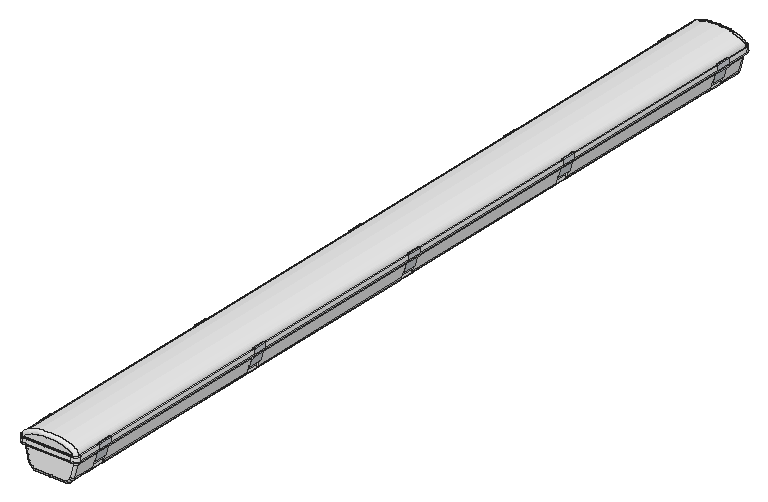
Revit family "0067960 Sylvania Lighting Fixture START Waterproof Twin 1500 IP65 DALI 7100lm 840", category Lighting Fixtures, host Face, Revit 2016
Family settings
  Host = Face
  Part Type = Normal
  Round Connector Dimension = Use Diameter
  OmniClass Number = 23.80.70.11.14
  OmniClass Title = General Luminaries, Directional
  Cut with Voids When Loaded = No
  Light Source = Yes
  Shared = No
  Room Calculation Point = No
Parameters (values of type "0067960 ST WTRPRF T 1500 IP65 DALI 7100LM 840")
  Width = 110 mm
  Weight = "kg"
  Wattage Comments = "n/a"
  Wattage = 58 W
  WarrantyStartDate [instance] = "n/a"
  WarrantyGuarantorParts = "n/a"
  WarrantyDurationUnit = "n/a"
  WarrantyDurationParts = "n/a"
  WarrantyDescription = "n/a"
  built-in parameter 1150110 = 1 (stored number, unit not read)
  Voltage = 0 V
  URL = "http://www.sylvania-lighting.com"
  TypeName = "START Waterproof Twin 1500 IP65 DALI 7100lm 840"
  Type Image = <None>
  Type Comments = "n/a"
  built-in parameter 1114217 = 1 (stored number, unit not read)
  Tilt Angle = -90.00°
  built-in parameter 1150109 = 1 (stored number, unit not read)
  built-in parameter 1150134 = 12
  built-in parameter 1150113 = 1 (stored number, unit not read)
  SerialNumber [instance] = "n/a"
  ReflectorMaterial = none
  PowerFactor = 0
  PowerConsumption = "58 W"
  Photometric Web File = "0067960.ies"
  NominalWidth = 0 mm
  NominalLength = 1578 mm
  NominalHeight = 78 mm
  Name = "START Waterproof Twin 1500 IP65 DALI 7100lm 840"
  ModelReference = "START Waterproof Twin 1500 IP65 DALI 7100lm 840"
  ModelNumber = "0067960"
  Model = "START Waterproof Twin 1500 IP65 DALI 7100lm 840"
  Material = "polycarbonate housing, polycarbonate diffuser"
  ManufacturerName = "Feilo Sylvania"
  Manufacturer = "Feilo Sylvania"
  LuminousEfficacy = "122 lm/W"
  built-in parameter 1150105 = 563.09 (stored number, unit not read)
  Lumens = 7076 lm
  LuminaireType = ""
  built-in parameter 1150115 = 1 (stored number, unit not read)
  LightOutputRatio = "n/a"
  built-in parameter 1150137 = (empty or 0)
  built-in parameter 1150139 = (empty or 0)
  Length = 1572 mm
  LampsType = Lamp  # "LED"
  LampNominalLuminous = "7050 lm"
  LampMacAdamStep = "n/a"
  LampColourTemperature = "4000 K"
  LampColourRenderingIndex = "80"
  built-in parameter 1150112 = 1 (stored number, unit not read)
  built-in parameter 1150114 = 1 (stored number, unit not read)
  Lamp = "LED"
  Keynote = "16500"
  InstallationDate [instance] = "n/a"
  InputVoltage = "n/a"
  InputNominalFrequency = "n/a"
  built-in parameter 1150132 = (empty or 0)
  built-in parameter 1150102 = (empty or 0)
  built-in parameter 1150107 = 4000 (stored number, unit not read)
  built-in parameter 1150138 = (empty or 0)
  IngressProtection = "IP65"
  ImpactProtectionIndex = "IK08"
  built-in parameter 1150106 = 5.6309 (stored number, unit not read)
  IfcExportType = "IfcLightFixtureType"
  IfcExportAs = "IfcLightFixtureType"
  ExpectedLife = 50000
  Emit from Rectangle Width = Width - 20 mm  # 90 mm
  Emit from Rectangle Length = Length - 20 mm  # 1552 mm
  Emit Shape Visible in Rendering = no
  ElectricShockClassification = "Class I"
  built-in parameter 1150104 = 11.334 (stored number, unit not read)
  DurationUnit = "hours"
  DocumentationLiterature = "http://www.sylvania-lighting.com/product/en-int/products/0067960"
  DimmingControlOptions = "n/a"
  Dimming Lamp Color Temperature Shift = <None>
  DiffuserMaterial = Diffuser-Sylvania-Transparent
  Description = ""
  Default Elevation = 1219.2 mm
  CreatedOn = "11/27/2018"
  CreatedBy = "@sylvania-lighting.com"
  Cost = 0
  Color Filter = 16777215
  built-in parameter 1114216 [instance] = (empty or 0)
  ClassificationValue = "EF_70_80"
  ClassificationName = "Uniclass2015"
  BodyMaterial = Body-Sylvania-Gray
  BarCode [instance] = "n/a"
  built-in parameter 1114218 = 1 (stored number, unit not read)
  built-in parameter 1150133 = 10 (stored number, unit not read)
  AssetType = "Fixed"
  AssetIdentifier [instance] = "n/a"
  Assembly Code = "D5020200"
  Apparent Load = 58 VA
  AccessoryMaterial = Diffuser-Sylvania-Glow
Reference planes
  plane 1 "Center (Front/Back)": y = 0
  plane 2: z = 0
  plane 3 "Center (Left/Right)": x = 0
  plane 4: z = 54
  plane 5: x = -27.7
  plane 6: x = -34.8
  plane 7: x = -39.6
  plane 8: x = -42.2
  plane 9: z = 3
  plane 10: z = 7.8
  plane 11: z = 12.3
  plane 12: z = 36.6
  plane 13: z = 42.8
  plane 14: x = -51.1
  plane 15: z = 46.2
  plane 16: x = -55
  plane 17: y = 786
  plane 18: y = -786
  plane 19: x = 27.7
  plane 20: x = 34.8
  plane 21: x = 39.6
  plane 22: x = 42.2
  plane 23: x = 51.1
  plane 24: x = 55
  plane 25: y = 778.4
  plane 26: y = -778.4
  plane 27: y = -774.7
  plane 28: y = 774.7
  plane 29: z = 74
  plane 30: x = -51.5
  plane 31: x = 51.5
  plane 32: z = 55.2
  plane 33: y = -782.5
  plane 34: y = 782.5
  plane 35: x = -37.5
  plane 36: x = 37.5
  plane 37: x = -48.7
  plane 38: x = 48.7
  plane 39: x = 18
  plane 40: x = -18
  plane 41: z = 50.2
  plane 42: z = 24.6
  plane 43: y = 720
  plane 44: y = 706
  plane 45: y = 734
  plane 46: y = -720
  plane 47: y = 720
  plane 48: y = 706
  plane 49: y = 734
  plane 50: y = -720
  plane 51: y = -734
  plane 52: y = -706
  plane 53: y = 360
  plane 54: y = 346
  plane 55: y = 374
  plane 56: y = 0
  plane 57: y = -14
  plane 58: y = 14
  plane 59: y = -360
  plane 60: y = -374
  plane 61: y = -346
Forms (mm)
  Sweep 1, solid, material "Body-Sylvania-Gray" <- "BodyMaterial", detail levels medium+fine
    path origin (1223.4, -4572, 54) x (0, -1, 0) y (1, 0, 0)
      loop
        arc (-3796, -1278.4) -> (-3788.929, -1275.471) -> (-3786, -1268.4) r 10
        line (-3786, -1268.4) -> (-3786, -1178.4)
        arc (-3786, -1178.4) -> (-3788.929, -1171.329) -> (-3796, -1168.4) r 10
        line (-3796, -1168.4) -> (-5348, -1168.4)
        arc (-5348, -1168.4) -> (-5355.071, -1171.329) -> (-5358, -1178.4) r 10
        line (-5358, -1178.4) -> (-5358, -1268.4)
        arc (-5358, -1268.4) -> (-5355.071, -1275.471) -> (-5348, -1278.4) r 10
        line (-5348, -1278.4) -> (-3796, -1278.4)
    profile origin (-55, 0, 54) x (-1, 0, 0) y (0, 0, 1)
      loop
        line (0, 0) -> (-1, 0) -> (-1, -7.726)
        arc (-1, -7.726) -> (-1.994, -9.498) -> (-3.9, -10.2) r 2.937
        line (-3.9, -10.2) -> (-8.571, -10.2) -> (-8.571, -11.2) -> (-3.9, -11.2)
        arc (-3.9, -11.2) -> (-1.313, -10.231) -> (0, -7.8) r 3.937
        line (0, -7.8) -> (0, 0)
  Sweep 2, solid, material "Body-Sylvania-Gray" <- "BodyMaterial", detail levels medium+fine
    path origin (0, 0, 0) x (1, 0, 0) y (0, 0, 1)
      loop
        line (48.7, 42.8) -> (48.7, 36.6) -> (42.203, 12.31)
        arc (42.203, 12.31) -> (41.199, 9.884) -> (39.6, 7.8) r 10.052
        line (39.6, 7.8) -> (34.8, 3)
        arc (34.8, 3) -> (31.554, 0.781) -> (27.7, 0) r 9.902
        line (27.7, 0) -> (0, 0) -> (-27.7, 0)
        arc (-27.7, 0) -> (-31.554, 0.781) -> (-34.8, 3) r 9.902
        line (-34.8, 3) -> (-39.6, 7.8)
        arc (-39.6, 7.8) -> (-41.199, 9.884) -> (-42.203, 12.31) r 10.052
        line (-42.203, 12.31) -> (-48.7, 36.6) -> (-48.7, 42.8)
    profile origin (0, 0, 0) x (0, 0, -1) y (0, -1, 0)
      loop
        arc (0, 773.4) -> (-1.464, 776.936) -> (-5, 778.4) r 5
        line (-5, 778.4) -> (-7.8, 778.4) -> (-7.8, -778.4) -> (-5, -778.4)
        arc (-5, -778.4) -> (-1.464, -776.936) -> (0, -773.4) r 5
        line (0, -773.4) -> (0, 773.4)
  Extrusion 3, solid, material "Body-Sylvania-Gray" <- "BodyMaterial", detail levels medium+fine
    sketch origin (1524, 778.4, 1219.2) x (1, 0, 0) y (0, 0, 1)
      loop
        arc (-1558.668, -1204.874) -> (-1558.443, -1205.418) -> (-1558.085, -1205.885) r 2.252
        line (-1558.085, -1205.885) -> (-1553.231, -1210.738)
        arc (-1553.231, -1210.738) -> (-1552.534, -1211.227) -> (-1551.7, -1211.4) r 2.102
        line (-1551.7, -1211.4) -> (-1496.3, -1211.4)
        arc (-1496.3, -1211.4) -> (-1495.466, -1211.227) -> (-1494.769, -1210.738) r 2.102
        line (-1494.769, -1210.738) -> (-1489.915, -1205.885)
        arc (-1489.915, -1205.885) -> (-1489.557, -1205.418) -> (-1489.332, -1204.874) r 2.252
        line (-1489.332, -1204.874) -> (-1483.1, -1181.575) -> (-1483.1, -1176.4) -> (-1564.9, -1176.4) -> (-1564.9, -1181.575) -> (-1558.668, -1204.874)
    from 0 to 1556.8
  Sweep 4, solid, material "Diffuser-Sylvania-Transparent" <- "DiffuserMaterial", detail levels medium+fine
    path origin (0, 0, 0) x (1, 0, 0) y (0, 0, 1)
      loop
        spline (-51.5, 55.2) -> (-49.745, 60.066) -> (-44.6, 64.6) -> (-36.416, 68.494) -> (-25.75, 71.481) -> (-13.329, 73.359) -> (0, 74) -> (13.329, 73.359) -> (25.75, 71.481) -> (36.416, 68.494) -> (44.6, 64.6) -> (49.745, 60.066) -> (51.5, 55.2)
    profile origin (51.5, 0, 55.2) x (0, -1, 0) y (1, 0, 0)
      loop
        arc (782.5, -5.5) -> (780.889, -1.611) -> (777, 0) r 5.5
        line (777, 0) -> (-777, 0)
        arc (-777, 0) -> (-780.889, -1.611) -> (-782.5, -5.5) r 5.5
        line (-782.5, -5.5) -> (-782.5, -6.3) -> (-781.5, -6.3) -> (-781.5, -5.5)
        arc (-781.5, -5.5) -> (-780.182, -2.318) -> (-777, -1) r 4.5
        line (-777, -1) -> (777, -1)
        arc (777, -1) -> (780.182, -2.318) -> (781.5, -5.5) r 4.5
        line (781.5, -5.5) -> (781.5, -6.347) -> (782.5, -6.347) -> (782.5, -5.5)
  Extrusion 5, solid, material "Diffuser-Sylvania-Transparent" <- "DiffuserMaterial", detail levels medium+fine
    sketch origin (1524, -782.5, 1219.2) x (1, 0, 0) y (0, 0, 1)
      loop
        line (-1569.653, -1164) -> (-1478.347, -1164)
        spline (-1478.347, -1164) -> (-1478.969, -1162.594) -> (-1482.527, -1159.545) -> (-1489.588, -1156.201) -> (-1499.458, -1153.445) -> (-1511.242, -1151.663) -> (-1524, -1151.049) -> (-1536.758, -1151.663) -> (-1548.542, -1153.445) -> (-1558.412, -1156.201) -> (-1565.473, -1159.545) -> (-1569.031, -1162.594) -> (-1569.653, -1164)
    from 0 to -1
  Extrusion 6, solid, material "Diffuser-Sylvania-Transparent" <- "DiffuserMaterial", detail levels medium+fine
    sketch origin (1524, 782.5, 1219.2) x (1, 0, 0) y (0, 0, 1)
      loop
        spline (-1478.3, -1164) -> (-1478.931, -1162.565) -> (-1482.502, -1159.505) -> (-1489.572, -1156.155) -> (-1499.446, -1153.394) -> (-1511.236, -1151.614) -> (-1524, -1151.007) -> (-1536.764, -1151.614) -> (-1548.554, -1153.394) -> (-1558.428, -1156.155) -> (-1565.498, -1159.505) -> (-1569.069, -1162.565) -> (-1569.7, -1164)
        line (-1569.7, -1164) -> (-1478.3, -1164)
    from 0 to 1
  Extrusion 7, solid, material "Diffuser-Sylvania-Transparent" <- "DiffuserMaterial", detail levels medium+fine
    sketch origin (1223.4, -4572, 55.2) x (0, -1, 0) y (-1, 0, 0)
      loop
        arc (-5353.5, 1177.4) -> (-5352.182, 1174.218) -> (-5349, 1172.9) r 4.5
        line (-5349, 1172.9) -> (-3795, 1172.9)
        arc (-3795, 1172.9) -> (-3791.818, 1174.218) -> (-3790.5, 1177.4) r 4.5
        line (-3790.5, 1177.4) -> (-3790.5, 1269.4)
        arc (-3790.5, 1269.4) -> (-3791.818, 1272.582) -> (-3795, 1273.9) r 4.5
        line (-3795, 1273.9) -> (-5349, 1273.9)
        arc (-5349, 1273.9) -> (-5352.182, 1272.582) -> (-5353.5, 1269.4) r 4.5
        line (-5353.5, 1269.4) -> (-5353.5, 1177.4)
      loop
        line (-5358, 1268.4) -> (-5358, 1178.4)
        arc (-5358, 1178.4) -> (-5355.071, 1171.329) -> (-5348, 1168.4) r 10
        line (-5348, 1168.4) -> (-3796, 1168.4)
        arc (-3796, 1168.4) -> (-3788.929, 1171.329) -> (-3786, 1178.4) r 10
        line (-3786, 1178.4) -> (-3786, 1268.4)
        arc (-3786, 1268.4) -> (-3788.929, 1275.471) -> (-3796, 1278.4) r 10
        line (-3796, 1278.4) -> (-5348, 1278.4)
        arc (-5348, 1278.4) -> (-5355.071, 1275.471) -> (-5358, 1268.4) r 10
    from 0 to 1.2
  Extrusion 8, solid, material "Diffuser-Sylvania-Glow" <- "AccessoryMaterial", detail levels fine
    sketch origin (0, 0, 0) x (1, 0, 0) y (0, 0, 1)
      loop
        circle (-18, 50.2) r 8
      loop
        circle (18, 50.2) r 8
    from -774.7 to 774.7
  Extrusion 9, void
    sketch origin (0, 720, 2343.807) x (0, 0, -1) y (-1, 0, 0)
      loop
        line (2340.807, -37.5) -> (2331.507, -37.5) -> (2319.207, -42.2) -> (2319.207, -48.7) -> (2340.807, -48.7) -> (2340.807, -37.5)
      loop
        line (2340.807, 37.5) -> (2340.807, 48.7) -> (2319.207, 48.7) -> (2319.207, 42.2) -> (2331.507, 37.5) -> (2340.807, 37.5)
    from -14 to 14
  Extrusion 10, solid, material "Body-Sylvania-Gray" <- "BodyMaterial", detail levels coarse
    sketch origin (0, 0, 0) x (1, 0, 0) y (0, 0, 1)
      loop
        line (55, 42.8) -> (55, 55.2) -> (-55, 55.2) -> (-55, 42.791) -> (-42.2, 0) -> (42.2, 0) -> (55, 42.8)
    from -786 to 786
  Extrusion 11, solid, material "Diffuser-Sylvania-Transparent" <- "DiffuserMaterial", detail levels coarse
    sketch origin (0, 0, 0) x (1, 0, 0) y (0, 0, 1)
      loop
        arc (51.5, 55.2) -> (0, 74) -> (-51.5, 55.2) r 79.939
        line (-51.5, 55.2) -> (51.5, 55.2)
    from 778.4 to -778.4
  Extrusion 12, void, not visible
    sketch origin (0, 720, 2343.807) x (0, 0, -1) y (-1, 0, 0)
      loop
        line (2340.807, -37.5) -> (2331.507, -37.5) -> (2319.207, -42.2) -> (2319.207, -48.7) -> (2340.807, -48.7) -> (2340.807, -37.5)
      loop
        line (2340.807, 37.5) -> (2340.807, 48.7) -> (2319.207, 48.7) -> (2319.207, 42.2) -> (2331.507, 37.5) -> (2340.807, 37.5)
    from -14 to 14
  Extrusion 13, void
    sketch origin (0, -720, 2343.807) x (0, 0, -1) y (-1, 0, 0)
      loop
        line (2340.807, -37.5) -> (2331.507, -37.5) -> (2319.207, -42.2) -> (2319.207, -48.7) -> (2340.807, -48.7) -> (2340.807, -37.5)
      loop
        line (2340.807, 37.5) -> (2340.807, 48.7) -> (2319.207, 48.7) -> (2319.207, 42.2) -> (2331.507, 37.5) -> (2340.807, 37.5)
    from -14 to 14
  Extrusion 14, void
    sketch origin (0, 360, 2343.807) x (0, 0, -1) y (-1, 0, 0)
      loop
        line (2340.807, -37.5) -> (2331.507, -37.5) -> (2319.207, -42.2) -> (2319.207, -48.7) -> (2340.807, -48.7) -> (2340.807, -37.5)
      loop
        line (2340.807, 37.5) -> (2340.807, 48.7) -> (2319.207, 48.7) -> (2319.207, 42.2) -> (2331.507, 37.5) -> (2340.807, 37.5)
    from -14 to 14
  Extrusion 15, void
    sketch origin (0, 0, 2343.807) x (0, 0, -1) y (-1, 0, 0)
      loop
        line (2340.807, -37.5) -> (2331.507, -37.5) -> (2319.207, -42.2) -> (2319.207, -48.7) -> (2340.807, -48.7) -> (2340.807, -37.5)
      loop
        line (2340.807, 37.5) -> (2340.807, 48.7) -> (2319.207, 48.7) -> (2319.207, 42.2) -> (2331.507, 37.5) -> (2340.807, 37.5)
    from -14 to 14
  Extrusion 16, void
    sketch origin (0, -360, 2343.807) x (0, 0, -1) y (-1, 0, 0)
      loop
        line (2340.807, -37.5) -> (2331.507, -37.5) -> (2319.207, -42.2) -> (2319.207, -48.7) -> (2340.807, -48.7) -> (2340.807, -37.5)
      loop
        line (2340.807, 37.5) -> (2340.807, 48.7) -> (2319.207, 48.7) -> (2319.207, 42.2) -> (2331.507, 37.5) -> (2340.807, 37.5)
    from -14 to 14
Cuts and joins
  Extrusion 9, Extrusion 13, Extrusion 14, Extrusion 15, Extrusion 16 cuts Sweep 2
  Extrusion 13, Extrusion 14, Extrusion 15, Extrusion 16 cuts Extrusion 3
  joined: Sweep 2, Extrusion 3
  joined: Sweep 4, Extrusion 5, Extrusion 6
Dimensions and locks
  locked: plane 4 to plane 2 at 54
  plane 5 to plane 6 to plane 7 to plane 8 to plane 14 to plane 16 = 7.1 mm locked, 4.8 mm locked, 2.6 mm locked, 8.9 mm, 3.9 mm
  plane 4 to plane 15 to plane 13 to plane 12 to plane 11 to plane 10 to plane 9 = 7.8 mm locked, 3.4 mm, 6.2 mm locked, 24.3 mm locked, 4.5 mm locked, 4.8 mm locked
  equal spacing: plane 18, plane 1 "Center (Front/Back)", plane 17
  "Length": plane 18 to plane 17
  plane 19 to plane 20 to plane 21 to plane 22 to plane 23 to plane 24 = 7.1 mm locked, 4.8 mm locked, 2.6 mm locked, 8.9 mm, 3.9 mm
  equal spacing: plane 24, plane 3 "Center (Left/Right)", plane 16
  "Width": plane 24 to plane 16
  equal spacing: plane 27, plane 1 "Center (Front/Back)", plane 28
  locked: plane 26 to plane 27 at 3.7
  locked: Sweep 1 sketch curve to profile plane at 1
  locked: Sweep 1 sketch curve to plane 13 at 1
  locked: Sweep 1 sketch curve to plane 13 at 3.937  (x2)
  locked: Sweep 1 sketch curve to profile plane at 3.9  (x2)
  locked: plane 29 to plane 4 at 20
  equal spacing: plane 31, plane 3 "Center (Left/Right)", plane 30
  locked: plane 30 to plane 16 at 3.5
  locked: plane 32 to plane 4 at 1.2
  equal spacing: plane 33, plane 1 "Center (Front/Back)", plane 34
  equal spacing: plane 36, plane 3 "Center (Left/Right)", plane 35
  locked: plane 3 "Center (Left/Right)" to plane 35 at 37.5
  locked: plane 34 to plane 17 at 3.5
  equal spacing: plane 38, plane 3 "Center (Left/Right)", plane 37
  locked: plane 37 to plane 16 at 6.3
  equal spacing: plane 25, plane 1 "Center (Front/Back)", plane 26
  locked: plane 17 to plane 25 at 7.6
  locked: Sweep 2 sketch curve to plane 2 at 5  (x2)
  locked: Sweep 2 sketch curve to plane 26 at 5
  locked: plane 25 to Sweep 2 sketch curve at 5
  locked: Sweep 4 sketch curve to plane 31 at 5.5  (x2)
  locked: Sweep 4 sketch curve to plane 34 at 5.5
  plane 33 to Sweep 4 sketch curve = 5.5 mm
  locked: plane 34 to Sweep 4 sketch curve at 1
  locked: Sweep 4 sketch curve to plane 31 at 1
  locked: Sweep 4 sketch curve to Sweep 4 sketch curve at 1
  locked: Sweep 4 sketch curve to plane 31 at 6.347
  locked: Sweep 4 sketch curve to plane 31 at 6.3
  equal spacing: plane 39, plane 3 "Center (Left/Right)", plane 40
  locked: plane 3 "Center (Left/Right)" to plane 40 at 18
  locked: plane 42 to plane 2 at 24.6
  plane 45 to plane 43 to plane 44 = 14 mm locked, 14 mm locked
  locked: plane 17 to plane 43 at 66
  equal spacing: plane 43, plane 1 "Center (Front/Back)", plane 46
  plane 49 to plane 47 to plane 48 = 14 mm locked, 14 mm locked
  plane 52 to plane 50 to plane 51 = 14 mm locked, 14 mm locked  (x2)
  equal spacing: group 1, group 6, group 7, group 8, group 5  (x2)
  equal spacing: group 5, group 8, group 7, group 6, group 1
  plane 55 to plane 53 to plane 54 = 14 mm locked, 14 mm locked  (x2)
  plane 58 to plane 56 to plane 57 = 14 mm locked, 14 mm locked  (x2)
  plane 61 to plane 59 to plane 60 = 14 mm locked, 14 mm locked  (x2)
  plane 43 to plane 53 to plane 1 "Center (Front/Back)" to plane 59 to plane 50 = 360 mm locked, 360 mm locked, 360 mm locked, 360 mm locked
  aligned and locked: plane 2 to host face
  aligned and locked: level to host face
  aligned and locked: plane 16 to Sweep 1 sketch curve
  aligned and locked: Sweep 1 sketch curve to plane 24
  aligned and locked: plane 18 to Sweep 1 sketch curve
  aligned and locked: Sweep 1 sketch curve to plane 13
  aligned and locked: profile plane to Sweep 1 sketch curve
  aligned and locked: plane 3 "Center (Left/Right)" to Sweep 2 sketch curve
  aligned and locked: plane 9 to Sweep 2 sketch curve
  aligned and locked: plane 10 to Sweep 2 sketch curve
  aligned and locked: plane 37 to Sweep 2 sketch curve
  aligned and locked: plane 12 to Sweep 2 sketch curve
  aligned and locked: Sweep 2 sketch curve to level
  aligned and locked: plane 21 to Sweep 2 sketch curve
  aligned and locked: plane 38 to Sweep 2 sketch curve
  aligned and locked: profile plane to Sweep 2 sketch curve
  aligned and locked: plane 25 to Sweep 2 sketch curve
  aligned and locked: Sweep 2 sketch curve to plane 10
  aligned and locked: Extrusion 3 sketch curve to Sweep 2  (x7)
  aligned and locked: Sweep 2 to Extrusion 3 sketch curve
  aligned and locked: Extrusion 3 to plane 25
  aligned and locked: plane 26 to Extrusion 3
  aligned and locked: plane 32 to Sweep 4 sketch curve
  aligned and locked: plane 33 to Sweep 4 sketch curve
  aligned and locked: Sweep 4 to Extrusion 5
  aligned and locked: plane 33 to Extrusion 5
  aligned and locked: Extrusion 5 sketch curve to Sweep 4
  aligned and locked: cut or joined group of Sweep 4, Extrusion 5, Extrusion 6 to Extrusion 6 sketch curve
  aligned and locked: Extrusion 7 sketch curve to cut or joined group of Sweep 4, Extrusion 5, Extrusion 6  (x2)
  aligned and locked: cut or joined group of Sweep 4, Extrusion 5, Extrusion 6 to Extrusion 7 sketch curve  (x2)
  aligned and locked: plane 41 to Extrusion 8 sketch curve  (x2)
  aligned and locked: plane 39 to Extrusion 8 sketch curve
  aligned and locked: plane 27 to Extrusion 8
  aligned and locked: Extrusion 8 to plane 28
  aligned and locked: Extrusion 9 to plane 42
  aligned and locked: plane 9 to Extrusion 9
  aligned and locked: plane 44 to Extrusion 9
  aligned and locked: Extrusion 9 to plane 45
  aligned and locked: Extrusion 7 sketch curve to Sweep 1  (x4)
  aligned and locked: plane 4 to Extrusion 7
  aligned and locked: Extrusion 7 to plane 32
  aligned and locked: nested 2 to plane 43
  aligned and locked: plane 43 to nested 1
  aligned and locked: Extrusion 10 sketch curve to plane 24
  aligned and locked: Extrusion 10 sketch curve to Extrusion 7
  aligned and locked: plane 8 to Extrusion 10 sketch curve
  aligned and locked: plane 22 to Extrusion 10 sketch curve
  aligned and locked: level to Extrusion 10 sketch curve
  aligned and locked: Extrusion 10 to plane 17
  aligned and locked: plane 18 to Extrusion 10
  aligned and locked: cut or joined group of Sweep 4, Extrusion 5, Extrusion 6 to Extrusion 11 sketch curve
  aligned and locked: Extrusion 11 sketch curve to cut or joined group of Sweep 4, Extrusion 5, Extrusion 6  (x2)
  aligned and locked: plane 31 to Extrusion 11 sketch curve
  aligned and locked: plane 30 to Extrusion 11 sketch curve
  aligned and locked: plane 26 to Extrusion 11
  aligned and locked: Extrusion 11 to plane 25
  aligned and locked: imposter light to plane 29
  aligned and locked: plane 3 "Center (Left/Right)" to imposter light
  aligned and locked: plane 1 "Center (Front/Back)" to imposter light
  aligned and locked: plane 51 to Extrusion 13
  aligned and locked: Extrusion 13 to plane 52
  aligned and locked: plane 54 to Extrusion 14
  aligned and locked: Extrusion 14 to plane 55
  aligned and locked: plane 57 to Extrusion 15
  aligned and locked: Extrusion 15 to plane 58
  aligned and locked: plane 60 to Extrusion 16
  aligned and locked: Extrusion 16 to plane 61
  aligned and locked: nested 3 to plane 53
  aligned and locked: plane 53 to nested 10
  aligned and locked: nested 4 to plane 56
  aligned and locked: plane 56 to nested 9
  aligned and locked: nested 5 to plane 59
  aligned and locked: plane 59 to nested 8
  aligned and locked: nested 6 to plane 50
  aligned and locked: plane 50 to nested 7
Automatic sketch dimensions
  host sketch curve to host sketch curve = 2438.4 mm  (x2)
  plane 17 to Sweep 1 sketch curve = 0 mm
  Sweep 1 sketch curve to plane 28 = 1.3 mm
  Sweep 1 sketch curve to plane 7 = 5.4 mm
  plane 27 to Sweep 1 sketch curve = 1.3 mm  (x2)
  Sweep 1 sketch curve to Sweep 1 sketch curve = 4.671 mm
  Sweep 1 sketch curve to plane 4 = 0 mm
  Sweep 2 sketch curve to plane 7 = 0 mm
  Sweep 2 sketch curve to plane 6 = 0 mm
  Sweep 2 sketch curve to plane 5 = 0 mm
  plane 19 to Sweep 2 sketch curve = 0 mm
  Sweep 2 sketch curve to plane 9 = 0 mm
  plane 20 to Sweep 2 sketch curve = 0 mm
  Sweep 2 sketch curve to plane 12 = 0 mm
  Sweep 2 sketch curve to plane 10 = 0 mm
  Sweep 2 sketch curve to plane 13 = 0 mm  (x2)
  Sweep 2 sketch curve to plane 8 = 0.003 mm
  plane 6 to Sweep 2 sketch curve = 2.308 mm
  plane 20 to Sweep 2 sketch curve = 2.308 mm
  Sweep 2 sketch curve to plane 22 = 0.003 mm
  Sweep 2 sketch curve to plane 11 = 0.01 mm  (x2)
  Extrusion 3 sketch curve to plane 5 = 0 mm
  plane 19 to Extrusion 3 sketch curve = 0 mm
  plane 6 to Extrusion 3 sketch curve = 0.132 mm
  plane 6 to Extrusion 3 sketch curve = 0.715 mm
  Extrusion 3 sketch curve to Extrusion 3 sketch curve = 1.592 mm
  Extrusion 3 sketch curve to plane 10 = 0.662 mm  (x2)
  plane 20 to Extrusion 3 sketch curve = 2.308 mm
  plane 20 to Extrusion 3 sketch curve = 0.715 mm
  plane 20 to Extrusion 3 sketch curve = 0.132 mm
  Sweep 4 sketch curve to plane 30 = 0 mm
  Sweep 4 sketch curve to plane 3 "Center (Left/Right)" = 0 mm
  Sweep 4 sketch curve to Sweep 4 sketch curve = 0 mm  (x2)
  plane 37 to Extrusion 5 sketch curve = 3.047 mm
  Extrusion 5 sketch curve to plane 38 = 3.047 mm
  plane 37 to Extrusion 6 sketch curve = 3 mm
  Extrusion 6 sketch curve to plane 38 = 3 mm
  plane 25 to Extrusion 7 sketch curve = 1.4 mm  (x2)
  Extrusion 7 sketch curve to plane 26 = 1.4 mm  (x2)
  Extrusion 8 sketch curve to plane 40 = 0 mm
  Extrusion 9 sketch curve to Extrusion 9 sketch curve = 0 mm
  Extrusion 9 sketch curve to Extrusion 9 sketch curve = 12.3 mm  (x2)
  Extrusion 9 sketch curve to Extrusion 9 sketch curve = 9.3 mm  (x2)
  Extrusion 9 sketch curve to Extrusion 9 sketch curve = 6.5 mm
  Extrusion 9 sketch curve to Extrusion 9 sketch curve = 4.7 mm  (x2)
  Extrusion 9 sketch curve to Extrusion 9 sketch curve = 75 mm
  Extrusion 9 sketch curve to Extrusion 9 sketch curve = 11.2 mm
  Extrusion 10 sketch curve to plane 13 = 0 mm
  plane 13 to Extrusion 10 sketch curve = 0.009 mm
  Extrusion 11 sketch curve to level = 5.939 mm
  Extrusion 10 sketch curve to plane 16 = 0 mm
  Extrusion 12 sketch curve to Extrusion 12 sketch curve = 0 mm
  Extrusion 12 sketch curve to Extrusion 12 sketch curve = 12.3 mm  (x2)
  Extrusion 12 sketch curve to Extrusion 12 sketch curve = 9.3 mm  (x2)
  Extrusion 12 sketch curve to Extrusion 12 sketch curve = 6.5 mm
  Extrusion 12 sketch curve to Extrusion 12 sketch curve = 4.7 mm  (x2)
  Extrusion 12 sketch curve to Extrusion 12 sketch curve = 75 mm
  Extrusion 12 sketch curve to Extrusion 12 sketch curve = 11.2 mm
  Extrusion 13 sketch curve to Extrusion 13 sketch curve = 0 mm
  Extrusion 13 sketch curve to Extrusion 13 sketch curve = 12.3 mm  (x2)
  Extrusion 13 sketch curve to Extrusion 13 sketch curve = 9.3 mm  (x2)
  Extrusion 13 sketch curve to Extrusion 13 sketch curve = 6.5 mm
  Extrusion 13 sketch curve to Extrusion 13 sketch curve = 4.7 mm  (x2)
  Extrusion 13 sketch curve to Extrusion 13 sketch curve = 75 mm
  Extrusion 13 sketch curve to Extrusion 13 sketch curve = 11.2 mm
  Extrusion 14 sketch curve to Extrusion 14 sketch curve = 0 mm
  Extrusion 14 sketch curve to Extrusion 14 sketch curve = 12.3 mm  (x2)
  Extrusion 14 sketch curve to Extrusion 14 sketch curve = 9.3 mm  (x2)
  Extrusion 14 sketch curve to Extrusion 14 sketch curve = 6.5 mm
  Extrusion 14 sketch curve to Extrusion 14 sketch curve = 4.7 mm  (x2)
  Extrusion 14 sketch curve to Extrusion 14 sketch curve = 75 mm
  Extrusion 14 sketch curve to Extrusion 14 sketch curve = 11.2 mm
  Extrusion 15 sketch curve to Extrusion 15 sketch curve = 0 mm
  Extrusion 15 sketch curve to Extrusion 15 sketch curve = 12.3 mm  (x2)
  Extrusion 15 sketch curve to Extrusion 15 sketch curve = 9.3 mm  (x2)
  Extrusion 15 sketch curve to Extrusion 15 sketch curve = 6.5 mm
  Extrusion 15 sketch curve to Extrusion 15 sketch curve = 4.7 mm  (x2)
  Extrusion 15 sketch curve to Extrusion 15 sketch curve = 75 mm
  Extrusion 15 sketch curve to Extrusion 15 sketch curve = 11.2 mm
  Extrusion 16 sketch curve to Extrusion 16 sketch curve = 0 mm
  Extrusion 16 sketch curve to Extrusion 16 sketch curve = 12.3 mm  (x2)
  Extrusion 16 sketch curve to Extrusion 16 sketch curve = 9.3 mm  (x2)
  Extrusion 16 sketch curve to Extrusion 16 sketch curve = 6.5 mm
  Extrusion 16 sketch curve to Extrusion 16 sketch curve = 4.7 mm  (x2)
  Extrusion 16 sketch curve to Extrusion 16 sketch curve = 75 mm
  Extrusion 16 sketch curve to Extrusion 16 sketch curve = 11.2 mm
  radius of Extrusion 8 sketch curve = 8 mm  (x2)
Nested families
  nested 1: "Clip" at (42.2, 720, 24.6), type "Clip", detail levels fine
  nested 2: "Clip" at (-42.2, 720, 24.6) x (-1, 0, 0) z (0, 0, 1), type "Clip", detail levels fine
  nested 3: "Clip" at (-42.2, 360, 24.6) x (-1, 0, 0) z (0, 0, 1), type "Clip", detail levels fine
  nested 4: "Clip" at (-42.2, 0, 24.6) x (-1, 0, 0) z (0, 0, 1), type "Clip", detail levels fine
  nested 5: "Clip" at (-42.2, -360, 24.6) x (-1, 0, 0) z (0, 0, 1), type "Clip", detail levels fine
  nested 6: "Clip" at (-42.2, -720, 24.6) x (-1, 0, 0) z (0, 0, 1), type "Clip", detail levels fine
  nested 7: "Clip" at (42.2, -720, 24.6), type "Clip", detail levels fine
  nested 8: "Clip" at (42.2, -360, 24.6), type "Clip", detail levels fine
  nested 9: "Clip" at (42.2, 0, 24.6), type "Clip", detail levels fine
  nested 10: "Clip" at (42.2, 360, 24.6), type "Clip", detail levels fine
Connectors
  electrical at (0, 0, 0), driven by "Apparent Load"
    settings: index 1, voltage 230 V, apparent load 58 VA, apparent load phase1 0 VA, apparent load phase2 0 VA, apparent load phase3 0 VA, power factor 0, load classification "Lighting", number of poles 1, system type 30, power factor state 1, is connector primary yes, connector utility no, sub classification motor no, connector description ""
Definition of nested family "Clip"
  Parameters (values of type "Clip")
    URL = "http://www.feilosylvania.com"
    Type Comments = "n/a"
    Model = "n/a"
    Manufacturer = "Feilo Sylvania"
    Keynote = "n/a"
    Description = "n/a"
    Default Elevation = 1219.2 mm
    Cost = 0
    BodyMaterial = none
    Assembly Code = "n/a"
  Reference planes
    plane 1 "Center (Front/Back)": y = 0
    plane 2: z = 0
    plane 3 "Center (Left/Right)": x = 0
    plane 4: x = 3.3
    plane 5: x = 6.5
    plane 6: x = 8.9
    plane 7: x = 12.8
    plane 8: z = 12
    plane 9: z = 18.2
    plane 10: z = 21.6
    plane 11: z = 30.6
    plane 12: x = 9.3
    plane 13: z = 19.2
    plane 14: z = 16.2
    plane 15: x = 10.1
    plane 16: y = 12
    plane 17: y = -12
  Forms (mm)
    Extrusion 1, solid
      sketch origin (-0.8, 0, 0) x (1, 0, 0) y (0, 1, 0)
        loop
          line (-1219.2, 1219.2) -> (-1219.2, -1219.2) -> (1219.2, -1219.2) -> (1219.2, 1219.2) -> (-1219.2, 1219.2)
      from 0 to -304.8
    Extrusion 2, solid
      sketch origin (0, 0, 0) x (1, 0, 0) y (0, 0, 1)
        loop
          line (8.9, 16.2) -> (4.58, 0) -> (0, 0) -> (0, -0.8) -> (5.195, -0.8) -> (9.603, 15.731) -> (13.6, 18.806) -> (13.6, 30.6)
          arc (13.6, 30.6) -> (11.45, 32.75) -> (9.3, 30.6) r 2.15
          line (9.3, 30.6) -> (10.1, 30.6)
          arc (10.1, 30.6) -> (11.45, 31.95) -> (12.8, 30.6) r 1.35
          line (12.8, 30.6) -> (12.8, 19.2) -> (8.9, 16.2)
      from -12 to 12
  Lines and regions (mm)
    reference lines
      curve 1: line (3.3, 0, 0) -> (6.5, 0, 12)
      curve 2: arc (8.9, 0, 18.2) -> (11.488, 0, 19.169) -> (12.8, 0, 21.6) r 3.934
  Dimensions and locks
    plane 7 to plane 6 to plane 5 to plane 4 to plane 3 "Center (Left/Right)" = 3.9 mm locked, 2.4 mm locked, 3.2 mm locked, 3.3 mm locked
    plane 11 to plane 10 to plane 9 to plane 8 to plane 2 = 9 mm locked, 3.4 mm locked, 6.2 mm locked, 12 mm locked
    locked: plane 7 to plane 12 at 3.5
    locked: plane 13 to plane 9 at 1
    locked: plane 9 to plane 14 at 2
    locked: plane 15 to plane 12 at 0.8
    locked: plane 2 to Extrusion 2 sketch curve at 0.8
    locked: Extrusion 2 sketch curve to Extrusion 2 sketch curve at 0.8  (x3)
    locked: plane 7 to Extrusion 2 sketch curve at 1.35
    equal spacing: plane 17, plane 1 "Center (Front/Back)", plane 16
    locked: plane 1 "Center (Front/Back)" to plane 16 at 12
    aligned and locked: plane 2 to Extrusion 1
    aligned and locked: level to Extrusion 1
    aligned and locked: plane 4 to curve 1
    aligned and locked: plane 5 to curve 1
    aligned and locked: plane 6 to curve 2
    aligned and locked: plane 10 to curve 2
    aligned and locked: plane 14 to Extrusion 2 sketch curve
    aligned and locked: plane 13 to Extrusion 2 sketch curve
    aligned and locked: plane 7 to Extrusion 2 sketch curve
    aligned and locked: plane 3 "Center (Left/Right)" to Extrusion 2 sketch curve
    aligned and locked: Extrusion 2 sketch curve to level
    aligned and locked: Extrusion 2 sketch curve to plane 11
    aligned and locked: plane 11 to Extrusion 2 sketch curve
    aligned and locked: Extrusion 2 to plane 16
    aligned and locked: plane 17 to Extrusion 2
  Automatic sketch dimensions
    Extrusion 1 sketch curve to Extrusion 1 sketch curve = 2438.4 mm  (x2)
    curve 2 to plane 7 = 0 mm
    curve 1 to level = 0 mm
    curve 1 to plane 8 = 0 mm
    curve 2 to plane 9 = 0 mm
    plane 6 to curve 2 = 0.002 mm
    Extrusion 2 sketch curve to Extrusion 2 sketch curve = 0 mm
    Extrusion 2 sketch curve to plane 6 = 0 mm
    plane 4 to Extrusion 2 sketch curve = 1.28 mm
